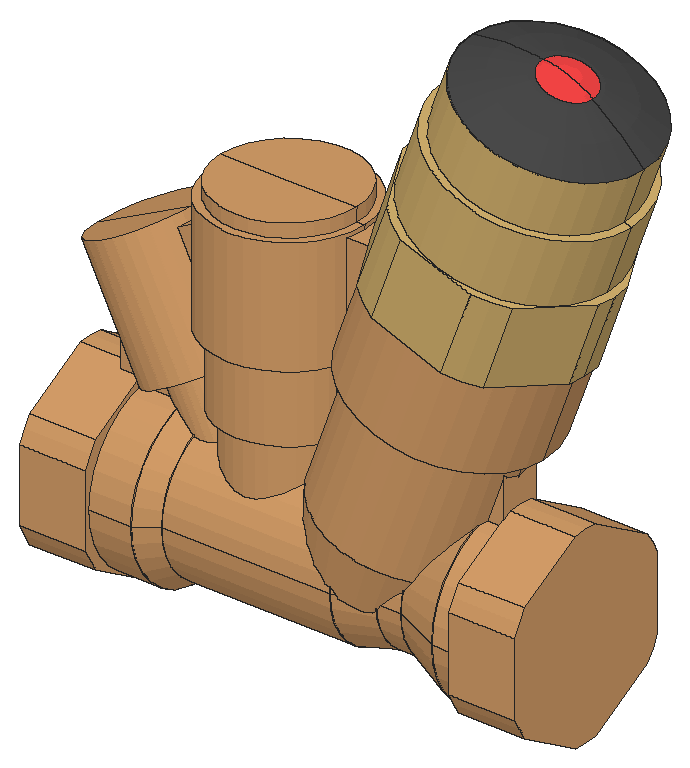
Revit family "MTCV_DN15-20_RFA_1", category Pipe Accessories, Revit 2019
Family settings
  Round Connector Dimension = Use Diameter
  Part Type = Valve - Breaks Into
  OmniClass Number = 23.75.65.14.14.17
  OmniClass Title = Flow Controls
  Work Plane-Based = No
  Always vertical = Yes
  Cut with Voids When Loaded = No
  Shared = No
Parameters (values of type "MTCV A_DN15_003Z4515")
  Weight = 0.56 kg
  Version C [instance] = no
  Version B [instance] = no
  Version A [instance] = not(or(Version B, Version C))  # yes
  Version = "A"
  Valve Body Material = Danfoss Bronze (Rg5)
  URL = "https://store.danfoss.com/en/Climate-Solutions-for-heating/Hydronic-Balancing-and-Control/Hot-water-balancing/Thermal-balancing/c/11746"
  Pressure Drop [instance] = 0.0 Pa
  Nominal Pressure = "PN 10"  # constant formula
  Model Type = "MTCV A_DN15"
  Model = "003Z4515, 003Z0535"
  Min Temperature Setting = "35 °C"  # constant formula
  Max Temperature Setting = "60 °C"  # constant formula
  Max Medium Temperature = "100 °C"  # constant formula
  Manufacturer = "Danfoss"  # constant formula
  LOD 350 = not(LOD 200)  # yes
  LOD 200 = no
  L9 = 10 mm
  L8 = 3 mm
  L7 = 7.5 mm
  L6 = 3.7 mm
  L5 = 3 mm
  L4 = 6.5 mm
  L3 = 10 mm
  L2 = 15 mm
  L10 = 3 mm
  L1 = 30 mm
  L = 75 mm
  Kvs = 1.5 m³/h
  IfcExportType = "MTCV"  # constant formula
  IfcExportAs = "IfcValveType"  # constant formula
  Flow [instance] = 0.0 m³/h
  Electronically controlled disinfection [instance] = if(Version C, 1 = 1, 1 = 0)  # no
  Disinfection function [instance] = if(Version B, 1 = 1, 1 = 0)  # no
  Description = "Thermostatic Balancing Valve"  # constant formula
  D8 = 29 mm
  D7 = 26 mm
  D6 = 19 mm
  D5 = 22 mm
  D4 = 26 mm
  D3 = 26.8 mm
  D = 15 mm
  Connection = "Internal thread"  # constant formula
Types (15, lengths in mm): name | Weight | Version C | Version B | Version A | Version | Valve Body Material | Model Type | Model | L9 | L8 | L4 | L3 | L10 | L1 | L | Kvs | Electronically controlled disinfection | Disinfection function | D8 | D7 | D6 | D5 | D4 | D3 | D
  (no name) | 0.56 kg | no | no | yes | "A" | Danfoss Bronze (Rg5) | "MTCV A_DN15" | "003Z4515, 003Z0535" | 10 | 3 | 6.5 | 10 | 3 | 30 | 75 | 1.5 m³/h | no | no | 29 | 26 | 19 | 22 | 26 | 26.8 | 15
  MTCV 0_DN15_003Z0514 | 0.56 kg | no | no | yes | "0" | Danfoss Bronze (Rg5) | "MTCV 0_DN15" | "003Z0514" | 10 | 3 | 6.5 | 10 | 3 | 30 | 75 | 1.5 m³/h | no | no | 29 | 26 | 19 | 22 | 26 | 26.8 | 15
  MTCV 0_DN20_003Z0553 | 0.62 kg | no | no | yes | "0" | Danfoss Bronze (Rg5) | "MTCV 0_DN20" | "003Z0553" | 14 | 3.5 | 4 | 14 | 5.5 | 33 | 80 | 1.8 m³/h | no | no | 35.5 | 30.2 | 26 | 28 | 30.2 | 31.8 | 20
  MTCV A_DN15_003Z4515 | 0.56 kg | no | no | yes | "A" | Danfoss Bronze (Rg5) | "MTCV A_DN15" | "003Z4515, 003Z0535" | 10 | 3 | 6.5 | 10 | 3 | 30 | 75 | 1.5 m³/h | no | no | 29 | 26 | 19 | 22 | 26 | 26.8 | 15
  MTCV A_DN20_003Z4520 | 0.62 kg | no | no | yes | "A" | Danfoss Bronze (Rg5) | "MTCV A_DN20" | "003Z4520, 003Z0540" | 14 | 3.5 | 4 | 14 | 5.5 | 33 | 80 | 1.8 m³/h | no | no | 35.5 | 30.2 | 26 | 28 | 30.2 | 31.8 | 20
  MTCV B_DN15_003Z1511 | 0.56 kg | no | yes | no | "B" | Danfoss Bronze (Rg5) | "MTCV B_DN15" | "003Z1511" | 10 | 3 | 6.5 | 10 | 3 | 30 | 75 | 1.5 m³/h | no | yes | 29 | 26 | 19 | 22 | 26 | 26.8 | 15
  MTCV B_DN20_003Z1557 | 0.62 kg | no | yes | no | "B" | Danfoss Bronze (Rg5) | "MTCV B_DN20" | "003Z1557" | 14 | 3.5 | 4 | 14 | 5.5 | 33 | 80 | 1.8 m³/h | no | yes | 35.5 | 30.2 | 26 | 28 | 30.2 | 31.8 | 20
  MTCV C_DN15 | 0.56 kg | yes | no | no | "C" | Danfoss Bronze (Rg5) | "MTCV C_DN15" | 0 | 10 | 3 | 6.5 | 10 | 3 | 30 | 75 | 1.5 m³/h | yes | no | 29 | 26 | 19 | 22 | 26 | 26.8 | 15
  MTCV C_DN20 | 0.62 kg | yes | no | no | "C" | Danfoss Bronze (Rg5) | "MTCV C_DN20" | 0 | 14 | 3.5 | 4 | 14 | 5.5 | 33 | 80 | 1.8 m³/h | yes | no | 35.5 | 30.2 | 26 | 28 | 30.2 | 31.8 | 20
  MTCV DVGW_DN15_003Z0510 | 0.56 kg | no | no | yes | "A" | Danfoss Bronze (Rg5) | "MTCV DVGW_DN15" | "003Z0510" | 10 | 3 | 6.5 | 10 | 3 | 30 | 75 | 1.5 m³/h | no | no | 29 | 26 | 19 | 22 | 26 | 26.8 | 15
  MTCV NL_DN20_003Z0551 | 0.62 kg | no | no | yes | "A" | Danfoss Bronze (Rg5) | "MTCV NL_DN20" | "003Z0551" | 14 | 3.5 | 4 | 14 | 5.5 | 33 | 80 | 1.8 m³/h | no | no | 35.5 | 30.2 | 26 | 28 | 30.2 | 31.8 | 20
  MTCV NL_DN15_003Z0516 | 0.56 kg | no | no | yes | "A" | Danfoss Bronze (Rg5) | "MTCV NL_DN15" | "003Z0516" | 10 | 3 | 6.5 | 10 | 3 | 30 | 75 | 1.5 m³/h | no | no | 29 | 26 | 19 | 22 | 26 | 26.8 | 15
  MTCV DVGW_DN20_003Z0558 | 0.62 kg | no | no | yes | "A" | Danfoss Bronze (Rg5) | "MTCV DVGW_DN20" | "003Z0558" | 14 | 3.5 | 4 | 14 | 5.5 | 33 | 80 | 1.8 m³/h | no | no | 35.5 | 30.2 | 26 | 28 | 30.2 | 31.8 | 20
  MTCV A PURE_DN15_003Z6515 | 0.56 kg | no | no | yes | "A" | Danfoss Bronze (Lead Free Rg+) | "MTCV A PURE_DN15" | "003Z6515" | 10 | 3 | 6.5 | 10 | 3 | 30 | 75 | 1.5 m³/h | no | no | 29 | 26 | 19 | 22 | 26 | 26.8 | 15
  MTCV A PURE_DN20_003Z6520 | 0.62 kg | no | no | yes | "A" | Danfoss Bronze (Lead Free Rg+) | "MTCV A PURE_DN20" | "003Z6520" | 14 | 3.5 | 4 | 14 | 5.5 | 33 | 80 | 1.8 m³/h | no | no | 35.5 | 30.2 | 26 | 28 | 30.2 | 31.8 | 20
Reference planes
  plane 1 "Center (Front/Back)": y = 0
  plane 2: z = 0
  plane 3 "Center (Left/Right)": x = 0
  plane 4: x = -15
  plane 5: through (0, -1524, 0) normal (-0.9397, 0, 0.342)
  plane 6: x = -45
  plane 7: x = 30
  plane 8: through (0, -1524, 0) normal (0.342, 0, 0.9397)
  plane 9: x = -25.5
  plane 10: x = -28.5
  plane 11: x = -35
  plane 12: x = 5.8
  plane 13: x = 9.5
  plane 14: x = 17
  plane 15: x = 20
  plane 16: y = 13.4
  plane 17: y = -13.4
  plane 18 "Angle 1": through (14.809, -1524, 40.689) normal (0.342, 0, 0.9397)
  plane 19: through (19.256, -1524, 52.905) normal (0.342, 0, 0.9397)
  plane 20: x = -38
  plane 21: z = 46
  plane 22: through (27.362, -1524, 75.175) normal (0.342, 0, 0.9397)
Forms (mm)
  Extrusion 1, solid, material "Danfoss Bronze (Rg5)" <- "Valve Body Material", visible <- "LOD 350", detail levels fine
    sketch origin (0, 0, 0) x (0, 1, 0) y (0, 0, 1)
      loop
        circle (0, 0) r 13
    from -35 to -28.5
  Extrusion 2, solid, material "Danfoss Bronze (Rg5)" <- "Valve Body Material", visible <- "LOD 350", detail levels fine
    sketch origin (0, 0, 0) x (0, 1, 0) y (0, 0, 1)
      loop
        circle (0, 0) r 11
    from -25.5 to 0
  Blend 3, solid, material "Danfoss Bronze (Rg5)" <- "Valve Body Material", visible <- "LOD 350", detail levels fine
    base sketch origin (0, 0, 0) x (0, 1, 0) y (0, 0, 1)
      loop
        circle (0, 0) r 13
    top sketch origin (0, 0, 0) x (0, 1, 0) y (0, 0, 1)
      loop
        circle (0, 0) r 11
    from -28.5 to -25.5
  Blend 4, solid, material "Danfoss Bronze (Rg5)" <- "Valve Body Material", visible <- "LOD 350", detail levels fine
    base sketch origin (0, 0, 0) x (0, 1, 0) y (0, 0, 1)
      loop
        circle (0, 0) r 11
    top sketch origin (0, 0, 0) x (0, 1, 0) y (0, 0, 1)
      loop
        circle (0, 0) r 9.5
    from 0 to 5.8
  Extrusion 5, solid, material "Danfoss Bronze (Rg5)" <- "Valve Body Material", visible <- "LOD 350", detail levels fine
    sketch origin (0, 0, 0) x (0, 1, 0) y (0, 0, 1)
      loop
        circle (0, 0) r 9.5
    from 5.8 to 9.5
  Blend 6, solid, material "Danfoss Bronze (Rg5)" <- "Valve Body Material", visible <- "LOD 350", detail levels fine
    base sketch origin (0, 0, 0) x (0, 1, 0) y (0, 0, 1)
      loop
        circle (0, 0) r 9.5
    top sketch origin (0, 0, 0) x (0, 1, 0) y (0, 0, 1)
      loop
        circle (0, 0) r 13
    from 9.5 to 17
  Extrusion 7, solid, material "Danfoss Bronze (Rg5)" <- "Valve Body Material", visible <- "LOD 350", detail levels fine
    sketch origin (0, 0, 0) x (0, 1, 0) y (0, 0, 1)
      loop
        circle (0, 0) r 13
    from 17 to 20
  Extrusion 8, solid, material "Danfoss Bronze (Rg5)" <- "Valve Body Material", visible <- "LOD 350", detail levels fine
    sketch origin (0, 0, 0) x (0, 1, 0) y (0, 0, 1)
      loop
        line (13.4, 7.736) -> (0, 15.473) -> (-13.4, 7.736) -> (-13.4, -7.736) -> (0, -15.473) -> (13.4, -7.736) -> (13.4, 7.736)
    from -45 to -35
  Extrusion 9, solid, material "Danfoss Bronze (Rg5)" <- "Valve Body Material", visible <- "LOD 350", detail levels fine
    sketch origin (-30, 0, 0) x (0, 1, 0) y (0, 0, -1)
      loop
        line (13.4, -7.736) -> (13.4, 7.736) -> (0, 15.473) -> (-13.4, 7.736) -> (-13.4, -7.736) -> (0, -15.473) -> (13.4, -7.736)
    from -60 to -50
  Revolve 10, solid, material "Danfoss Bronze (Rg5)" <- "Valve Body Material", visible <- "LOD 350", detail levels fine
    sketch origin (0, 0, 0) x (1, 0, 0) y (0, 0, 1)
      loop
        line (-26.5, 26.5) -> (-25, 26.5) -> (-25, 15.5) -> (-23.5, 15.5) -> (-23.5, 0) -> (-15, 0) -> (-15, 46) -> (-25.3, 46) -> (-25.3, 44) -> (-26.5, 44) -> (-26.5, 26.5)
      axis (-15, 46) -> (-15, 0)
    angle from 0 to 360
  Revolve 11, solid, material "Danfoss Bronze (Rg5)" <- "Valve Body Material", visible <- "LOD 350", detail levels fine
    sketch origin (0, 0, 0) x (1, 0, 0) y (0, 0, 1)
      loop
        line (-19.61, 0.157) -> (-36.782, 33.858) -> (-43.91, 30.226) -> (-35.137, 13.008) -> (-32.464, 14.37) -> (-24.065, -2.113) -> (-19.61, 0.157)
      axis (-19.61, 0.157) -> (-36.782, 33.858)
    angle from 0 to 360
  Revolve 12, solid, material "Danfoss Brass", visible <- "LOD 350", detail levels fine
    sketch origin (0, 0, 0) x (1, 0, 0) y (0, 0, 1)
      loop
        line (19.256, 52.905) -> (25.85, 71.022) -> (12.882, 75.742) -> (9.948, 67.679) -> (8.905, 68.059) -> (5.246, 58.004) -> (19.256, 52.905)
      axis (25.85, 71.022) -> (19.256, 52.905)
    angle from 0 to 360
  Extrusion 13, solid, material "Danfoss Bronze (Rg5)" <- "Valve Body Material", detail levels fine
    sketch origin (0, 0, 0) x (1, 0, 0) y (0, 0, 1)
      loop
        line (-38, 31.5) -> (-38, 0) -> (20, 0) -> (20, 38.799) -> (7.085, 43.5) -> (-15, 43.5) -> (-38, 31.5)
    from -3 to 3
  Extrusion 14, void
    sketch origin (0, 0, 0) x (0, 1, 0) y (0, 0, 1)
      loop
        circle (0, 0) r 14.5
      loop
        circle (0, 0) r 40
    from -45 to 30
  Extrusion 15, solid, material "Danfoss Bronze (Rg5)" <- "Valve Body Material", visible <- "LOD 200", detail levels fine
    sketch origin (0, 0, 0) x (0, 1, 0) y (0, 0, 1)
      loop
        circle (0, 0) r 13
    from -35 to 20
  Extrusion 16, solid, material "Danfoss Bronze (Rg5)" <- "Valve Body Material", visible <- "LOD 200", detail levels fine
    sketch origin (0, 0, 0) x (0, 1, 0) y (0, 0, 1)
      loop
        circle (0, 0) r 14.5
    from -45 to -35
  Extrusion 17, solid, material "Danfoss Bronze (Rg5)" <- "Valve Body Material", visible <- "LOD 200", detail levels fine
    sketch origin (65, 0, 0) x (0, 1, 0) y (0, 0, 1)
      loop
        circle (0, 0) r 14.5
    from -45 to -35
  Revolve 18, solid, material "Danfoss Bronze (Rg5)" <- "Valve Body Material", visible <- "LOD 200", detail levels fine
    sketch origin (0, 0, 0) x (1, 0, 0) y (0, 0, 1)
      loop
        line (-15, 46) -> (-26.5, 46) -> (-26.5, 0) -> (-15, 0) -> (-15, 46)
      axis (-15, 0) -> (-15, 46)
    angle from 0 to 360
  Revolve 19, solid, material "Danfoss Bronze (Rg5)" <- "Valve Body Material", visible <- "LOD 200", detail levels fine
    sketch origin (0, 0, 0) x (1, 0, 0) y (0, 0, 1)
      loop
        line (0, 0) -> (27.362, 75.175) -> (13.266, 80.306) -> (-14.095, 5.13) -> (0, 0)
      axis (0, 0) -> (27.362, 75.175)
    angle from 0 to 360
  Revolve 20, solid, material "Danfoss Bronze (Rg5)" <- "Valve Body Material", visible <- "LOD 200", detail levels fine
    sketch origin (0, 0, 0) x (1, 0, 0) y (0, 0, 1)
      loop
        line (-19.531, 0) -> (-36.782, 33.858) -> (-43.91, 30.226) -> (-26.659, -3.632) -> (-19.531, 0)
      axis (-19.531, 0) -> (-36.782, 33.858)
    angle from 0 to 360
  Revolve 21, solid, material "Danfoss Bronze (Rg5)" <- "Valve Body Material", visible <- "LOD 350", detail levels fine
    sketch origin (0, 0, 0) x (1, 0, 0) y (0, 0, 1)
      loop
        line (0, 0) -> (14.809, 40.689) -> (0.902, 45.751) -> (-4.16, 31.843) -> (-1.999, 31.056) -> (-9.01, 11.793) -> (-10.148, 3.694) -> (0, 0)
      axis (14.809, 40.689) -> (0, 0)
    angle from 0 to 360
  Revolve 22, solid, material "Danfoss Plastic Black", visible <- "LOD 350", detail levels fine
    sketch origin (0, 0, 0) x (1, 0, 0) y (0, 0, 1)
      loop
        line (12.882, 75.742) -> (25.85, 71.022) -> (27.362, 75.175)
        arc (27.362, 75.175) -> (20.155, 76.316) -> (12.882, 75.742) r 31.017
      axis (25.85, 71.022) -> (27.362, 75.175)
    angle from 0 to 360
  Revolve 23, solid, material "Danfoss Plastic Red", visible <- "LOD 350", detail levels fine
    sketch origin (0, 0, 0) x (1, 0, 0) y (0, 0, 1)
      loop
        line (27.02, 74.236) -> (31.718, 72.526)
        arc (31.718, 72.526) -> (29.715, 74.138) -> (27.362, 75.175) r 9.836
        line (27.362, 75.175) -> (27.02, 74.236)
      axis (27.362, 75.175) -> (27.02, 74.236)
    angle from 0 to 360
Cuts and joins
  Extrusion 14 cuts Extrusion 9
  Extrusion 14 cuts Extrusion 8
Lines and regions (mm)
  reference lines
    curve 1: line (-10.469, 0, -17.783) -> (-44.5, 0, 49.005)
    curve 2: line (-19.531, 0, 0) -> (-55.171, 0, -18.16)
    curve 3: line (-72.422, 0, 15.699) -> (-36.782, 0, 33.858)
Dimensions and locks
  "L2": plane 3 "Center (Left/Right)" to plane 4
  locked: plane 4 to curve 1 at 29.5
  "L": plane 7 to plane 6
  "L1": plane 7 to plane 3 "Center (Left/Right)"
  "L3": plane 11 to plane 6
  "L9": plane 7 to plane 15
  "L4": plane 10 to plane 11
  "L8": plane 15 to plane 14
  "L7": plane 14 to plane 13
  "L5": plane 9 to plane 10
  "L6": plane 13 to plane 12
  equal spacing: plane 17, plane 1 "Center (Front/Back)", plane 16
  "D3": plane 17 to plane 16
  equal spacing: Extrusion 8 sketch curve, plane 1 "Center (Front/Back)", Extrusion 8 sketch curve  (x2)
  "D3": Extrusion 8 sketch curve to Extrusion 8 sketch curve  (x2)
  "D3": Extrusion 9 sketch curve to Extrusion 9 sketch curve  (x2)
  locked: Revolve 10 sketch curve to Revolve 10 sketch curve at 11.5
  Revolve 10 sketch curve to Revolve 10 sketch curve = 10 mm
  Revolve 10 sketch curve to Revolve 10 sketch curve = 8.5 mm
  locked: plane 4 to Revolve 10 sketch curve at 10.3
  locked: Revolve 10 sketch curve to level at 15.5
  locked: Revolve 10 sketch curve to Revolve 10 sketch curve at 11
  locked: Revolve 10 sketch curve to Revolve 10 sketch curve at 2
  locked: Revolve 11 sketch curve to Revolve 11 sketch curve at 18.5
  locked: curve 1 to Revolve 11 sketch curve at 8
  locked: Revolve 11 sketch curve to Revolve 11 sketch curve at 5
  locked: Revolve 12 sketch curve to Revolve 12 sketch curve at 13.8
  locked: plane 19 to plane 18 "Angle 1" at 13
  locked: plane 18 "Angle 1" to plane 8 at 43.3
  "L10": plane 11 to plane 20
  locked: Extrusion 13 sketch curve to level at 43.5
  level to Extrusion 13 = 43.5 mm
  equal spacing: Extrusion 9 sketch curve, curve 2, Extrusion 9 sketch curve  (x2)
  locked: plane 4 to Revolve 18 sketch curve at 11.5
  locked: plane 21 to level at 46
  locked: plane 22 to plane 8 at 80
  locked: plane 5 to Revolve 19 sketch curve at 15
  locked: curve 1 to Revolve 20 sketch curve at 8
  locked: curve 2 to curve 3 at 38
  locked: Revolve 21 sketch curve to Revolve 21 sketch curve at 12.5
  locked: Revolve 21 sketch curve to Revolve 21 sketch curve at 14.8
  locked: Revolve 21 sketch curve to plane 8 at 28.5
  plane 19 to Revolve 12 sketch curve = 10.7 mm
  locked: Revolve 12 sketch curve to plane 19 at 19.28
  plane 5 to Revolve 12 sketch curve = 14.909 mm
  plane 22 to Revolve 23 sketch curve = 1 mm
  Revolve 23 sketch curve to Revolve 23 sketch curve = 5 mm
  "D4": diameter of Extrusion 1 sketch curve
  "D5": diameter of Extrusion 2 sketch curve
  "D4": diameter of Blend 3 sketch curve
  "D5": diameter of Blend 3 sketch curve
  "D5": diameter of Blend 4 sketch curve
  "D6": diameter of Blend 4 sketch curve
  "D6": diameter of Extrusion 5 sketch curve
  "D6": diameter of Blend 6 sketch curve
  "D7": diameter of Blend 6 sketch curve
  "D7": diameter of Extrusion 7 sketch curve
  "D8": diameter of Extrusion 14 sketch curve
  diameter of Extrusion 14 sketch curve = 80 mm
  "D4": diameter of Extrusion 15 sketch curve
  "D8": diameter of Extrusion 16 sketch curve
  "D8": diameter of Extrusion 17 sketch curve
  radius of Revolve 22 sketch curve = 31.017 mm
  locked: level to plane 5 (angle 70.00°)
  locked: plane 4 to curve 1 (angle 27.00°)
  angle plane 8 to plane 5 = 90.00°
  angle Extrusion 8 sketch curve to Extrusion 8 sketch curve = 120.00°  (x3)
  angle Extrusion 9 sketch curve to Extrusion 9 sketch curve = 120.00°  (x3)
  locked: curve 1 to curve 2 (angle 90.00°)
  angle Extrusion 13 sketch curve to Extrusion 13 sketch curve = 152.448°
  angle Revolve 21 sketch curve to Revolve 21 sketch curve = 168.00°
  aligned and locked: level to plane 2
  aligned and locked: plane 10 to Extrusion 1
  aligned and locked: Extrusion 1 to plane 11
  aligned and locked: Extrusion 2 to plane 9
  aligned and locked: plane 3 "Center (Left/Right)" to Extrusion 2
  aligned and locked: Blend 3 to plane 10
  aligned and locked: plane 9 to Blend 3
  aligned and locked: Blend 4 to plane 3 "Center (Left/Right)"
  aligned and locked: plane 12 to Blend 4
  aligned and locked: Extrusion 5 to plane 12
  aligned and locked: plane 13 to Extrusion 5
  aligned and locked: Blend 6 to plane 13
  aligned and locked: plane 14 to Blend 6
  aligned and locked: Extrusion 7 to plane 14
  aligned and locked: plane 15 to Extrusion 7
  aligned and locked: plane 17 to Extrusion 8 sketch curve
  aligned and locked: Extrusion 8 sketch curve to plane 16
  aligned and locked: plane 11 to Extrusion 8
  aligned and locked: Revolve 10 sketch curve to plane 4
  aligned and locked: Revolve 10 sketch curve to level
  aligned and locked: Revolve 10 sketch curve to Revolve 10 sketch curve  (x2)
  aligned and locked: curve 1 to Revolve 11 sketch curve
  aligned and locked: Revolve 11 sketch curve to Revolve 11 sketch curve  (x2)
  aligned and locked: Revolve 12 sketch curve to plane 5
  aligned and locked: Revolve 12 sketch curve to Revolve 12 sketch curve
  aligned and locked: nested 1 to plane 18 "Angle 1"
  aligned and locked: Extrusion 13 sketch curve to plane 20
  aligned and locked: Extrusion 13 sketch curve to level
  aligned and locked: Extrusion 13 sketch curve to plane 15
  aligned and locked: Extrusion 13 sketch curve to plane 18 "Angle 1"
  aligned and locked: Extrusion 8 to plane 6
  aligned and locked: Extrusion 9 to plane 15
  aligned and locked: plane 7 to Extrusion 9
  aligned and locked: Extrusion 14 to plane 6
  aligned and locked: plane 7 to Extrusion 14
  aligned and locked: nested 1 to plane 5
  aligned and locked: Revolve 12 sketch curve to plane 19
  aligned and locked: Revolve 10 to nested 2
  aligned and locked: Extrusion 15 to plane 11
  aligned and locked: plane 15 to Extrusion 15
  aligned and locked: Extrusion 16 to plane 6
  aligned and locked: plane 11 to Extrusion 16
  aligned and locked: plane 7 to Extrusion 17
  aligned and locked: Extrusion 17 to plane 15
  aligned and locked: Revolve 18 sketch curve to plane 4
  aligned and locked: Revolve 18 sketch curve to level
  aligned and locked: Revolve 18 sketch curve to Revolve 18 sketch curve  (x2)
  aligned and locked: Revolve 10 sketch curve to plane 21
  aligned and locked: Revolve 18 sketch curve to plane 21
  aligned and locked: Revolve 19 sketch curve to plane 5
  aligned and locked: Revolve 19 sketch curve to plane 8
  aligned and locked: Revolve 19 sketch curve to plane 22
  aligned and locked: Revolve 19 sketch curve to Revolve 19 sketch curve  (x2)
  aligned and locked: curve 1 to Revolve 20 sketch curve
  aligned and locked: Revolve 20 sketch curve to curve 2
  aligned and locked: Revolve 20 sketch curve to Revolve 20 sketch curve  (x2)
  aligned and locked: curve 3 to Revolve 20 sketch curve
  aligned and locked: Revolve 21 sketch curve to Revolve 21 sketch curve
  aligned and locked: Revolve 22 sketch curve to Revolve 12
  aligned and locked: plane 22 to Revolve 22 sketch curve
  aligned and locked: Revolve 22 sketch curve to plane 5
  aligned and locked: Revolve 22 sketch curve to Revolve 22 sketch curve  (x2)
  aligned and locked: Revolve 23 sketch curve to plane 5
  aligned and locked: Revolve 23 sketch curve to Revolve 23 sketch curve  (x2)
  aligned and locked: plane 1 "Center (Front/Back)" to nested 1
  aligned and locked: plane 4 to nested 3
  aligned and locked: plane 1 "Center (Front/Back)" to nested 3
  aligned and locked: Revolve 10 to nested 4
  aligned and locked: nested 3 to nested 4
  aligned and locked: plane 4 to nested 4
  aligned and locked: plane 1 "Center (Front/Back)" to nested 4
  aligned and locked: curve 3 to Revolve 11 sketch curve
  aligned and locked: Revolve 11 to nested 5
  aligned and locked: curve 1 to nested 5
  aligned and locked: nested 5 to plane 1 "Center (Front/Back)"
  aligned and locked: nested 6 to plane 6
  aligned and locked: plane 1 "Center (Front/Back)" to nested 6
  aligned and locked: plane 2 to nested 6
  aligned and locked: nested 7 to plane 6
  aligned and locked: plane 2 to nested 7
  aligned and locked: plane 1 "Center (Front/Back)" to nested 7
  aligned and locked: nested 8 to plane 6
  aligned and locked: plane 1 "Center (Front/Back)" to nested 8
  aligned and locked: plane 2 to nested 8
Automatic sketch dimensions
  curve 2 to level = 0 mm
  curve 2 to plane 6 = 10.171 mm
  level to curve 3 = 15.699 mm
  Revolve 10 sketch curve to level = 0 mm
  Revolve 11 sketch curve to Revolve 11 sketch curve = 0 mm
  Extrusion 13 sketch curve to plane 4 = 0 mm
  Revolve 18 sketch curve to plane 21 = 0 mm
  Revolve 19 sketch curve to plane 22 = 0 mm
  Revolve 20 sketch curve to Revolve 20 sketch curve = 0 mm
  Revolve 21 sketch curve to level = 0 mm  (x2)
  Revolve 21 sketch curve to plane 3 "Center (Left/Right)" = 0 mm
  Revolve 21 sketch curve to plane 18 "Angle 1" = 0 mm
  plane 4 to Revolve 21 sketch curve = 5.99 mm
  Revolve 21 sketch curve to Revolve 21 sketch curve = 0 mm
  Revolve 12 sketch curve to plane 19 = 0 mm
  Revolve 12 sketch curve to Revolve 12 sketch curve = 0 mm
  Revolve 22 sketch curve to plane 22 = 0 mm
  Revolve 22 sketch curve to plane 21 = 0.677 mm
  Revolve 23 sketch curve to plane 22 = 0 mm  (x2)
  plane 15 to Revolve 23 sketch curve = 4.603 mm
  Revolve 11 sketch curve to plane 11 = 0.137 mm
  Extrusion 1 sketch curve to level = 0 mm
  Extrusion 1 sketch curve to plane 1 "Center (Front/Back)" = 0 mm
  Extrusion 2 sketch curve to level = 0 mm
  Extrusion 2 sketch curve to plane 1 "Center (Front/Back)" = 0 mm
  Blend 3 sketch curve to level = 0 mm  (x2)
  Blend 3 sketch curve to plane 1 "Center (Front/Back)" = 0 mm  (x2)
  Blend 4 sketch curve to level = 0 mm  (x2)
  Blend 4 sketch curve to plane 1 "Center (Front/Back)" = 0 mm  (x2)
  Extrusion 5 sketch curve to level = 0 mm
  Extrusion 5 sketch curve to plane 1 "Center (Front/Back)" = 0 mm
  Blend 6 sketch curve to level = 0 mm  (x2)
  Blend 6 sketch curve to plane 1 "Center (Front/Back)" = 0 mm  (x2)
  Extrusion 7 sketch curve to level = 0 mm
  Extrusion 7 sketch curve to plane 1 "Center (Front/Back)" = 0 mm
  Extrusion 9 sketch curve to plane 17 = 0 mm
  Extrusion 9 sketch curve to plane 16 = 0 mm
  Extrusion 14 sketch curve to Extrusion 14 sketch curve = 0 mm  (x2)
  Extrusion 14 sketch curve to level = 0 mm
  Extrusion 14 sketch curve to plane 1 "Center (Front/Back)" = 0 mm
  Extrusion 15 sketch curve to level = 0 mm
  Extrusion 15 sketch curve to plane 1 "Center (Front/Back)" = 0 mm
  Extrusion 16 sketch curve to level = 0 mm
  Extrusion 16 sketch curve to plane 1 "Center (Front/Back)" = 0 mm
  Extrusion 17 sketch curve to level = 0 mm
  Extrusion 17 sketch curve to plane 1 "Center (Front/Back)" = 0 mm
Nested families
  nested 1: "Nut" at (14.809, 0, 40.689) x (0.9397, 0, -0.342) z (0.342, 0, 0.9397), visible <- "LOD 350", type "Nut", detail levels fine
  nested 2: "Disinfection module_RFA" at (-15, 0, 44), visible <- "Disinfection function", type "MTCV B_Disinfecting module", detail levels fine
  nested 3: "TWA-A_24V_NC_RFA" at (-15, 0, 52.6), visible <- "Electronically controlled disinfection", LOD 200 <- "LOD 200", type "TWA-A_24V_NC_088H3110", detail levels fine
    with LOD 350 yes, LOD 200 no
  nested 4: "Adapter_TWA_RFA" at (-15, 0, 44), visible <- "Electronically controlled disinfection", type "Adapter_TWA_003Z1022", detail levels fine
  nested 5: "Adapter_ESMB PT1000_RFA" at (-36.782, 0, 33.858) x (0, 1, 0) z (-0.454, 0, 0.891), visible <- "Electronically controlled disinfection", type "Adapter_ESMB PT1000_003Z1024", detail levels fine
  nested 6: "Schematic_Thermal balancing valve" at (-7.5, 0, 0), visible <- "Version A", type "Schematic_Thermal balancing valve", detail levels coarse+medium
  nested 7: "Schematic_Thermal balancing valve" at (-7.5, 0, 0), visible <- "Version B", type "Schematic_Thermal balancing valve"
  nested 8: "Schematic_Thermal balancing valve_Actuator" at (-7.5, 0, 0), visible <- "Version C", type "Schematic_Thermal balancing valve_Actuator"
Connectors
  piping at (30, 0, 0), diameter 15, driven by "D"
    settings: on Extrusion 17, index 1, connector inside diameter 609.6 mm, connector length 0 mm, flow factor 0, pipe flow 0.0 m³/h, pressure drop 0.0 Pa, fitting loss kfactor 0, connector angle 0.00°, fixture units 0, engagement length 0 mm, angle of deflection 0.00°, flow configuration 0, flow direction 2, fitting loss method 0, system type 29, joint type 0, gender type 0, connector reference index 2, connector utility 0, adjustable connector no, is connector primary no, connector description ""
  piping at (-45, 0, 0), diameter 15, driven by "D"
    settings: on Extrusion 16, index 2, connector inside diameter 609.6 mm, connector length 0 mm, flow factor 0, pipe flow 0.0 m³/h, pressure drop 0.0 Pa, fitting loss kfactor 0, connector angle 0.00°, fixture units 0, engagement length 0 mm, angle of deflection 0.00°, flow configuration 0, flow direction 1, fitting loss method 0, system type 29, joint type 0, gender type 0, connector reference index 1, connector utility 0, adjustable connector no, is connector primary yes, connector description ""
Definition of nested family "Nut"
  Parameters (values of type "Nut")
    H = 13 mm
    Default Elevation = 1219.2 mm
    D1 = 30 mm
    D2 = 32 mm
    Body Material = none
  Reference planes
    plane 1 "Center (Front/Back)": y = 0
    plane 2: z = 0
    plane 3 "Center (Left/Right)": x = 0
    plane 4: y = 15
    plane 5: y = -15
    plane 6: z = 13
  Forms (mm)
    Extrusion 1, solid, material <- "Body Material"
      sketch origin (0, 0, 0) x (1, 0, 0) y (0, 1, 0)
        loop
          line (-8.66, 15) -> (-17.321, 0) -> (-8.66, -15) -> (8.66, -15) -> (17.321, 0) -> (8.66, 15) -> (-8.66, 15)
      from 0 to 13
    Extrusion 2, void
      sketch origin (0, 0, 0) x (1, 0, 0) y (0, 1, 0)
        loop
          circle (0, 0) r 16
        loop
          circle (0, 0) r 40
      from 0 to 13
  Cuts and joins
    Extrusion 2 cuts Extrusion 1
  Dimensions and locks
    equal spacing: plane 5, plane 1 "Center (Front/Back)", plane 4
    "D1": plane 5 to plane 4
    equal spacing: Extrusion 1 sketch curve, plane 3 "Center (Left/Right)", Extrusion 1 sketch curve  (x2)
    "D1": Extrusion 1 sketch curve to Extrusion 1 sketch curve  (x2)
    "H": plane 6 to level
    "D2": diameter of Extrusion 2 sketch curve
    diameter of Extrusion 2 sketch curve = 80 mm
    aligned and locked: level to plane 2
    aligned and locked: Extrusion 1 sketch curve to plane 4
    aligned and locked: plane 5 to Extrusion 1 sketch curve
    aligned and locked: plane 6 to Extrusion 1
    aligned and locked: Extrusion 2 to Extrusion 1
  Automatic sketch dimensions
    plane 1 "Center (Front/Back)" to Extrusion 1 sketch curve = 0 mm
    Extrusion 1 sketch curve to plane 3 "Center (Left/Right)" = 17.321 mm
    Extrusion 2 sketch curve to Extrusion 2 sketch curve = 0 mm  (x2)
    plane 1 "Center (Front/Back)" to Extrusion 2 sketch curve = 0 mm
    Extrusion 2 sketch curve to plane 3 "Center (Left/Right)" = 0 mm
Definition of nested family "Disinfection module_RFA"
  Parameters (values of type "Disinfecting module_MTCV B_003Z2021")
    Valve Body Material = none
    URL = "https://store.danfoss.com/en/Climate-Solutions-for-heating/Hydronic-Balancing-and-Control/Hot-water-balancing/Hot-water-balancing-accessories/Thermostatic-disinfection-module-for-MTCV-version-B/p/003Z2021"
    Model Type = "Disinfecting module"
    Model = "003Z2021"
    Manufacturer = "Danfoss"  # constant formula
    LOD 350 = not(LOD 200)  # yes
    LOD 200 = no
    D1 = 20 mm
  Reference planes
    plane 1 "Center (Front/Back)": y = 0
    plane 2: z = 0
    plane 3 "Center (Left/Right)": x = 0
    plane 4: z = 8.2
  Forms (mm)
    Revolve 1, solid, material <- "Valve Body Material", visible <- "LOD 350"
      sketch origin (0, 0, 0) x (1, 0, 0) y (0, 0, 1)
        loop
          line (0, 25.7) -> (-7.982, 25.7) -> (-9.5, 24.182) -> (-9.5, 3.2) -> (-11, 3.2) -> (-11, 0) -> (-9, 0) -> (-9, -5) -> (-6, -5) -> (-6, -20) -> (0, -20) -> (0, 25.7)
        axis (0, 25.7) -> (0, -20)
      angle from 0 to 360
    Extrusion 2, solid, material <- "Valve Body Material", visible <- "LOD 350"
      sketch origin (0, 0, 0) x (1, 0, 0) y (0, 1, 0)
        loop
          line (-10, 5.774) -> (-10, -5.774) -> (0, -11.547) -> (10, -5.774) -> (10, 5.774) -> (0, 11.547) -> (-10, 5.774)
      from 3.2 to 8.2
    Extrusion 3, void
      sketch origin (0, 0, 0) x (1, 0, 0) y (0, 1, 0)
        loop
          circle (0, 0) r 11
        loop
          circle (0, 0) r 25
      from 3.2 to 8.2
    Extrusion 4, solid, material <- "Valve Body Material", visible <- "LOD 200"
      sketch origin (0, 0, 0) x (1, 0, 0) y (0, 1, 0)
        loop
          circle (0, 0) r 11
      from 0 to 25.7
  Cuts and joins
    Extrusion 3 cuts Revolve 1
    Extrusion 3 cuts Extrusion 2
  Dimensions and locks
    locked: Revolve 1 sketch curve to Revolve 1 sketch curve at 9.5
    locked: Revolve 1 sketch curve to Revolve 1 sketch curve at 1.518
    locked: Revolve 1 sketch curve to Revolve 1 sketch curve at 11
    locked: Revolve 1 sketch curve to level at 25.7
    equal spacing: Extrusion 2 sketch curve, plane 3 "Center (Left/Right)", Extrusion 2 sketch curve  (x3)
    "D1": Extrusion 2 sketch curve to Extrusion 2 sketch curve  (x3)
    locked: plane 4 to plane 2 at 8.2
    locked: plane 3 "Center (Left/Right)" to Revolve 1 sketch curve at 9
    locked: plane 3 "Center (Left/Right)" to Revolve 1 sketch curve at 6
    locked: plane 2 to Revolve 1 sketch curve at 5
    locked: Revolve 1 sketch curve to Revolve 1 sketch curve at 15
    diameter of Extrusion 3 sketch curve = 22 mm
    diameter of Extrusion 3 sketch curve = 50 mm
    diameter of Extrusion 4 sketch curve = 22 mm
    angle Revolve 1 sketch curve to Revolve 1 sketch curve = 135.00°
    angle Extrusion 2 sketch curve to Extrusion 2 sketch curve = 120.00°  (x3)
    aligned and locked: level to plane 2
    aligned and locked: Revolve 1 sketch curve to plane 3 "Center (Left/Right)"
    aligned and locked: Revolve 1 sketch curve to level
    aligned and locked: Revolve 1 sketch curve to Revolve 1 sketch curve  (x2)
    aligned and locked: plane 4 to Extrusion 2
    aligned and locked: Revolve 1 to Extrusion 2
    aligned and locked: Extrusion 3 to Revolve 1
    aligned and locked: plane 4 to Extrusion 3
    aligned and locked: Extrusion 4 to cut or joined group of Revolve 1, Extrusion 3
  Automatic sketch dimensions
    Revolve 1 sketch curve to level = 17 mm
    level to Revolve 1 sketch curve = 3.2 mm
    Extrusion 3 sketch curve to Extrusion 3 sketch curve = 0 mm  (x2)
    plane 1 "Center (Front/Back)" to Extrusion 3 sketch curve = 0 mm
    Extrusion 3 sketch curve to plane 3 "Center (Left/Right)" = 0 mm
    plane 1 "Center (Front/Back)" to Extrusion 4 sketch curve = 0 mm
    Extrusion 4 sketch curve to plane 3 "Center (Left/Right)" = 0 mm
Definition of nested family "TWA-A_24V_NC_RFA"
  Parameters (values of type "TWA-A_24V_NC_088H3110")
    Weight = 0.12 kg
    Voltage = 24 V
    URL = "https://store.danfoss.com/en/Climate-Solutions-for-heating/Hydronic-floor-heating/Thermal-Actuators/Thermal-actuators%2C-TWA-A%2C-RA%2C-24-V%2C-NC%2C-0-95-m/p/088H3110"
    Safety Function = "NC"
    Power Supply = "24 V"
    Power Consumption = "2 VA"
    Power = 2 VA
    Model Type = "TWA-A_24V_NC"
    Model = "088H3110"
    Min Ambient Temperature = "0 °C"
    Max Ambient Temperature = "60 °C"
    Manufacturer = "Danfoss"  # constant formula
    LOD 350 [instance] = not(LOD 200)  # yes
    LOD 200 [instance] = no
    IfcExportType = "TWA-A"  # constant formula
    IfcExportAs = "IfcActuatorType"  # constant formula
    H = 76.6 mm
    Description = "Thermal Actuator"
    Cable Length = "950 mm"
    Body Material = none
  Reference planes
    plane 1 "Center (Front/Back)": y = 0
    plane 2: z = 0
    plane 3 "Center (Left/Right)": x = 0
    plane 4: z = 31.2
    plane 5: z = 17.4
    plane 6: z = 76.6
    plane 7: z = 10.2
  Forms (mm)
    Revolve 1, solid, visible <- "LOD 350"
      sketch origin (0, 0, 0) x (1, 0, 0) y (0, 0, 1)
        loop
          line (0, 76.6) -> (0, 0) -> (15.5, 0) -> (15.5, 16.18) -> (13.831, 17.348) -> (10.8, 46.184) -> (10.8, 75.866)
          arc (10.8, 75.866) -> (5.413, 76.43) -> (0, 76.6) r 74.529
        axis (0, 76.6) -> (0, 0)
      angle from 0 to 360
    Extrusion 2, solid, visible <- "LOD 350"
      sketch origin (0, 0, 0) x (1, 0, 0) y (0, 0, 1)
        loop
          line (-21, 0) -> (0, 0) -> (0, 17.4) -> (-13.825, 17.4) -> (-20.235, 15.683)
          arc (-20.235, 15.683) -> (-20.787, 15.314) -> (-21, 14.686) r 1.032
          line (-21, 14.686) -> (-21, 0)
      from -5.6 to 5.6
    Extrusion 3, solid, visible <- "LOD 350"
      sketch origin (0, 0, 0) x (0, 1, 0) y (0, 0, 1)
        loop
          circle (0, 10.2) r 2.232
      from -23.2 to 0
    Revolve 4, solid, material <- "Body Material", visible <- "LOD 350"
      sketch origin (0, 0, 0) x (1, 0, 0) y (0, 0, 1)
        loop
          line (0, 73.091) -> (-11.366, 73.091) -> (-18.836, 71.693) -> (-20.25, 31.2) -> (0, 31.2) -> (0, 73.091)
        axis (0, 31.2) -> (0, 73.091)
      angle from 0 to 360
    Revolve 5, solid, visible <- "LOD 200"
      sketch origin (0, 0, 0) x (1, 0, 0) y (0, 0, 1)
        loop
          line (0, 76.6) -> (0, 0) -> (15.5, 0) -> (15.5, 17.4) -> (11, 17.4) -> (11, 76.6) -> (0, 76.6)
        axis (0, 0) -> (0, 76.6)
      angle from 0 to 360
    Revolve 6, solid, material <- "Body Material", visible <- "LOD 200"
      sketch origin (0, 0, 0) x (1, 0, 0) y (0, 0, 1)
        loop
          line (0, 73.091) -> (-20.3, 73.091) -> (-20.3, 31.2) -> (0, 31.2) -> (0, 73.091)
        axis (0, 31.2) -> (0, 73.091)
      angle from 0 to 360
    Extrusion 7, solid, visible <- "LOD 200"
      sketch origin (0, 0, 0) x (1, 0, 0) y (0, 0, 1)
        loop
          line (0, 17.4) -> (-21, 17.4) -> (-21, 0) -> (0, 0) -> (0, 17.4)
      from -5.6 to 5.6
  Dimensions and locks
    "H": plane 6 to level
    locked: plane 4 to plane 2 at 31.2
    locked: plane 5 to plane 2 at 17.4
    locked: plane 3 "Center (Left/Right)" to Extrusion 2 sketch curve at 21
    locked: plane 7 to plane 2 at 10.2
    Revolve 1 sketch curve to plane 3 "Center (Left/Right)" = 10.8 mm
    plane 3 "Center (Left/Right)" to Revolve 1 sketch curve = 15.5 mm
    locked: plane 3 "Center (Left/Right)" to Revolve 4 sketch curve at 18.836
    locked: plane 3 "Center (Left/Right)" to Revolve 4 sketch curve at 11.366
    locked: Revolve 5 sketch curve to plane 3 "Center (Left/Right)" at 11
    locked: Revolve 5 sketch curve to plane 3 "Center (Left/Right)" at 15.5
    locked: plane 3 "Center (Left/Right)" to Revolve 6 sketch curve at 20.3
    locked: plane 3 "Center (Left/Right)" to Extrusion 7 sketch curve at 21
    radius of Extrusion 2 sketch curve = 1.032 mm
    diameter of Extrusion 3 sketch curve = 4.464 mm
    angle plane 5 to Revolve 1 sketch curve = 96.00°
    angle Revolve 1 sketch curve to Revolve 1 sketch curve = 125.00°
    angle Revolve 4 sketch curve to Revolve 4 sketch curve = 102.598°
    angle Revolve 4 sketch curve to Revolve 4 sketch curve = 169.401°
    aligned and locked: level to plane 2
    aligned and locked: Revolve 1 sketch curve to plane 3 "Center (Left/Right)"
    aligned and locked: Revolve 1 sketch curve to plane 2
    aligned and locked: plane 6 to Revolve 1 sketch curve
    aligned and locked: Revolve 1 sketch curve to Revolve 1 sketch curve
    aligned and locked: Extrusion 2 sketch curve to plane 5
    aligned and locked: Extrusion 2 sketch curve to level
    aligned and locked: Extrusion 2 sketch curve to plane 3 "Center (Left/Right)"
    aligned and locked: plane 3 "Center (Left/Right)" to Extrusion 3
    aligned and locked: Revolve 4 sketch curve to plane 3 "Center (Left/Right)"
    aligned and locked: Revolve 4 sketch curve to plane 4
    aligned and locked: Revolve 4 sketch curve to Revolve 4 sketch curve  (x2)
    aligned and locked: Revolve 5 sketch curve to plane 3 "Center (Left/Right)"
    aligned and locked: Revolve 5 sketch curve to plane 2
    aligned and locked: Revolve 5 sketch curve to plane 5
    aligned and locked: Revolve 5 sketch curve to plane 6
    aligned and locked: Revolve 5 sketch curve to Revolve 5 sketch curve  (x2)
    aligned and locked: Revolve 6 sketch curve to plane 3 "Center (Left/Right)"
    aligned and locked: Revolve 6 sketch curve to Revolve 4
    aligned and locked: Revolve 6 sketch curve to plane 4
    aligned and locked: Revolve 6 sketch curve to Revolve 6 sketch curve
    aligned and locked: Extrusion 7 sketch curve to plane 3 "Center (Left/Right)"
    aligned and locked: Extrusion 7 sketch curve to plane 5
    aligned and locked: Extrusion 7 sketch curve to level
  Automatic sketch dimensions
    Revolve 1 sketch curve to plane 5 = 0.052 mm
    Revolve 1 sketch curve to level = 0 mm
    Revolve 1 sketch curve to plane 6 = 0 mm
    plane 3 "Center (Left/Right)" to Revolve 1 sketch curve = 0.362 mm
    level to Revolve 1 sketch curve = 2.072 mm
    Revolve 1 sketch curve to plane 5 = 1.22 mm
    Extrusion 2 sketch curve to plane 5 = 1.717 mm
    Extrusion 2 sketch curve to Extrusion 2 sketch curve = 0.267 mm
    Extrusion 2 sketch curve to Extrusion 2 sketch curve = 6.41 mm
    Extrusion 3 sketch curve to plane 1 "Center (Front/Back)" = 0 mm
    Extrusion 3 sketch curve to plane 7 = 0 mm
    Revolve 4 sketch curve to Revolve 4 sketch curve = 0 mm
    Revolve 5 sketch curve to plane 6 = 0 mm
    Revolve 6 sketch curve to plane 4 = 0 mm
    Revolve 6 sketch curve to Revolve 6 sketch curve = 0 mm
    Revolve 4 sketch curve to Revolve 4 sketch curve = 20.25 mm
    Revolve 4 sketch curve to plane 6 = 4.907 mm
Definition of nested family "Adapter_TWA_RFA"
  Parameters (values of type "Adapter_TWA_003Z1022")
    Valve Body Material = none
    URL = "https://store.danfoss.com/en/Climate-Solutions-for-heating/Hydronic-Balancing-and-Control/Hot-water-balancing/Hot-water-balancing-accessories/Adapter-for-thermo-actuator-%28module-C%29/p/003Z1022"
    Model Type = "Adapter_TWA"
    Model = "003Z1022"
    Manufacturer = "Danfoss"  # constant formula
    LOD 350 = not(LOD 200)  # yes
    LOD 200 = no
    D1 = 27 mm
  Reference planes
    plane 1 "Center (Front/Back)": y = 0
    plane 2: z = 0
    plane 3 "Center (Left/Right)": x = 0
    plane 4: z = 8.6
    plane 5: z = 31.65
    plane 6: z = 35.5
    plane 7: z = 41.6
  Forms (mm)
    Revolve 1, solid, material <- "Valve Body Material"
      sketch origin (0, 0, 0) x (1, 0, 0) y (0, 0, 1)
        loop
          line (0, 0) -> (-9, 0) -> (-9, -7) -> (-6, -7) -> (-6, -22) -> (0, -22) -> (0, 0)
        axis (0, 0) -> (0, -22)
      angle from 0 to 360
    Extrusion 2, solid, material <- "Valve Body Material", visible <- "LOD 350"
      sketch origin (0, 0, 0) x (1, 0, 0) y (0, 1, 0)
        loop
          line (-13.5, 7.794) -> (-13.5, -7.794) -> (0, -15.588) -> (13.5, -7.794) -> (13.5, 7.794) -> (0, 15.588) -> (-13.5, 7.794)
      from 1.5 to 8.6
    Extrusion 3, void
      sketch origin (0, 0, 0) x (1, 0, 0) y (0, 1, 0)
        loop
          circle (0, 0) r 15
        loop
          circle (0, 0) r 25
      from 1.5 to 8.6
    Extrusion 4, solid, material <- "Valve Body Material", visible <- "LOD 200"
      sketch origin (0, 0, 0) x (1, 0, 0) y (0, 1, 0)
        loop
          circle (0, 0) r 10
      from 8.6 to 31.65
    Extrusion 5, solid
      sketch origin (0, 0, 0) x (1, 0, 0) y (0, 1, 0)
        loop
          circle (0, 0) r 11
      from 0 to 1.5
    Revolve 6, void
      sketch origin (0, 0, 0) x (1, 0, 0) y (0, 0, 1)
        loop
          line (-11, 1.5) -> (-20, 7.802) -> (-20, 0) -> (-11, 0) -> (-11, 1.5)
        axis (0, 7.802) -> (0, 0)
      angle from 0 to 360
    Extrusion 7, solid, material <- "Valve Body Material", visible <- "LOD 200"
      sketch origin (0, 0, 0) x (1, 0, 0) y (0, 1, 0)
        loop
          circle (0, 0) r 15
      from 1.5 to 8.6
    Extrusion 8, solid, material <- "Valve Body Material"
      sketch origin (0, 0, 0) x (1, 0, 0) y (0, 1, 0)
        loop
          circle (0, 0) r 5.8
      from 31.65 to 35.5
    Extrusion 9, solid
      sketch origin (0, 0, 0) x (1, 0, 0) y (0, 1, 0)
        loop
          circle (0, 0) r 1
      from 35.5 to 41.6
    Revolve 10, solid, material <- "Valve Body Material", visible <- "LOD 350"
      sketch origin (0, 0, 0) x (1, 0, 0) y (0, 0, 1)
        loop
          line (0, 31.65) -> (-7.974, 31.65) -> (-9.5, 30.124) -> (-9.5, 8.6) -> (-10.5, 8.6) -> (-10.5, 0) -> (0, 0) -> (0, 31.65)
        axis (0, 31.65) -> (0, 0)
      angle from 0 to 360
  Cuts and joins
    Extrusion 3 cuts Revolve 1
    Extrusion 3, Revolve 6 cuts Extrusion 2
  Dimensions and locks
    equal spacing: Extrusion 2 sketch curve, plane 3 "Center (Left/Right)", Extrusion 2 sketch curve  (x3)
    "D1": Extrusion 2 sketch curve to Extrusion 2 sketch curve  (x3)
    locked: plane 4 to plane 2 at 8.6
    locked: plane 3 "Center (Left/Right)" to Revolve 1 sketch curve at 9
    locked: plane 3 "Center (Left/Right)" to Revolve 1 sketch curve at 6
    locked: plane 2 to Revolve 1 sketch curve at 7
    locked: Revolve 1 sketch curve to Revolve 1 sketch curve at 15
    locked: plane 3 "Center (Left/Right)" to Revolve 6 sketch curve at 20
    locked: plane 3 "Center (Left/Right)" to Revolve 6 sketch curve at 11
    locked: plane 5 to plane 2 at 31.65
    locked: plane 6 to plane 5 at 3.85
    locked: plane 7 to plane 2 at 41.6
    locked: plane 3 "Center (Left/Right)" to Revolve 10 sketch curve at 9.5
    locked: plane 3 "Center (Left/Right)" to Revolve 10 sketch curve at 10.5
    diameter of Extrusion 3 sketch curve = 30 mm
    diameter of Extrusion 3 sketch curve = 50 mm
    diameter of Extrusion 4 sketch curve = 20 mm
    diameter of Extrusion 5 sketch curve = 22 mm
    diameter of Extrusion 7 sketch curve = 30 mm
    diameter of Extrusion 8 sketch curve = 11.6 mm
    diameter of Extrusion 9 sketch curve = 2 mm
    angle Extrusion 2 sketch curve to Extrusion 2 sketch curve = 120.00°  (x3)
    angle Revolve 6 sketch curve to Revolve 6 sketch curve = 35.00°
    angle Revolve 10 sketch curve to Revolve 10 sketch curve = 135.00°
    aligned and locked: level to plane 2
    aligned and locked: Revolve 1 sketch curve to plane 3 "Center (Left/Right)"
    aligned and locked: Revolve 1 sketch curve to Revolve 1 sketch curve
    aligned and locked: plane 4 to Extrusion 2
    aligned and locked: plane 4 to Extrusion 3
    aligned and locked: cut or joined group of Extrusion 2, Extrusion 3, Revolve 6 to Revolve 6 sketch curve
    aligned and locked: Revolve 6 sketch curve to plane 3 "Center (Left/Right)"
    aligned and locked: Revolve 6 sketch curve to level
    aligned and locked: Extrusion 4 to plane 4
    aligned and locked: plane 4 to Extrusion 7
    aligned and locked: Extrusion 7 to cut or joined group of Extrusion 2, Extrusion 3, Revolve 6
    aligned and locked: Extrusion 5 to cut or joined group of Extrusion 2, Extrusion 3, Revolve 6
    aligned and locked: plane 6 to Extrusion 8
    aligned and locked: Extrusion 9 to Extrusion 8
    aligned and locked: plane 7 to Extrusion 9
    aligned and locked: Revolve 10 sketch curve to Revolve 10 sketch curve  (x2)
    aligned and locked: Revolve 1 sketch curve to plane 2
  Automatic sketch dimensions
    Revolve 1 sketch curve to Revolve 1 sketch curve = 5 mm
    Extrusion 3 sketch curve to Extrusion 3 sketch curve = 0 mm  (x2)
    plane 1 "Center (Front/Back)" to Extrusion 3 sketch curve = 0 mm
    Extrusion 3 sketch curve to plane 3 "Center (Left/Right)" = 0 mm
    plane 1 "Center (Front/Back)" to Extrusion 4 sketch curve = 0 mm
    Extrusion 4 sketch curve to plane 3 "Center (Left/Right)" = 0 mm
    plane 1 "Center (Front/Back)" to Extrusion 5 sketch curve = 0 mm
    Extrusion 5 sketch curve to plane 3 "Center (Left/Right)" = 0 mm
    Revolve 6 sketch curve to Revolve 6 sketch curve = 1.5 mm
    level to Revolve 6 sketch curve = 1.5 mm
    plane 1 "Center (Front/Back)" to Extrusion 7 sketch curve = 0 mm
    Extrusion 7 sketch curve to plane 3 "Center (Left/Right)" = 0 mm
    plane 1 "Center (Front/Back)" to Extrusion 8 sketch curve = 0 mm
    Extrusion 8 sketch curve to plane 3 "Center (Left/Right)" = 0 mm
    plane 1 "Center (Front/Back)" to Extrusion 9 sketch curve = 0 mm
    Extrusion 9 sketch curve to plane 3 "Center (Left/Right)" = 0 mm
    Revolve 10 sketch curve to level = 0 mm
    Revolve 10 sketch curve to plane 4 = 0 mm
    Revolve 10 sketch curve to plane 5 = 0 mm
    Revolve 10 sketch curve to Revolve 10 sketch curve = 1.526 mm
    Revolve 10 sketch curve to Revolve 10 sketch curve = 0 mm
    Revolve 10 sketch curve to plane 3 "Center (Left/Right)" = 0 mm
    Revolve 1 sketch curve to plane 5 = 31.65 mm
Definition of nested family "Adapter_ESMB PT1000_RFA"
  Parameters (values of type "Adapter_ESMB PT1000_003Z1024")
    Valve Body Material = none
    URL = "https://store.danfoss.com/en/Climate-Solutions-for-heating/Hydronic-Balancing-and-Control/Hot-water-balancing/Hot-water-balancing-accessories/Adapter-for-ESMB-PT1000/p/003Z1024"
    Model Type = "Adapter_ESMB PT1000"
    Model = "003Z1024"
    Manufacturer = "Danfoss"  # constant formula
    LOD 350 = not(LOD 200)  # yes
    LOD 200 = no
    Default Elevation = 1219.2 mm
    D1 = 14 mm
  Reference planes
    plane 1 "Center (Front/Back)": y = 0
    plane 2: z = 0
    plane 3 "Center (Left/Right)": x = 0
    plane 4: z = 15
    plane 5: z = -15
  Forms (mm)
    Revolve 1, solid, material <- "Valve Body Material"
      sketch origin (0, 0, 0) x (1, 0, 0) y (0, 0, 1)
        loop
          line (0, 0) -> (-4.4, 0) -> (-4.4, -5.4) -> (-3.1, -5.4) -> (-3.1, -15) -> (0, -15) -> (0, 0)
        axis (0, 0) -> (0, -15)
      angle from 0 to 360
    Extrusion 2, solid, material <- "Valve Body Material", visible <- "LOD 350"
      sketch origin (0, 0, 0) x (1, 0, 0) y (0, 1, 0)
        loop
          line (-7, 4.041) -> (-7, -4.041) -> (0, -8.083) -> (7, -4.041) -> (7, 4.041) -> (0, 8.083) -> (-7, 4.041)
      from 0 to 15
    Extrusion 3, void
      sketch origin (0, 0, 0) x (1, 0, 0) y (0, 1, 0)
        loop
          circle (0, 0) r 7.5
        loop
          circle (0, 0) r 25
      from 0 to 15
    Extrusion 4, solid, material <- "Valve Body Material", visible <- "LOD 200"
      sketch origin (0, 0, 0) x (1, 0, 0) y (0, 1, 0)
        loop
          circle (0, 0) r 7.5
      from 0 to 15
    Extrusion 5, solid, material <- "Valve Body Material", visible <- "LOD 200"
      sketch origin (0, 0, 0) x (1, 0, 0) y (0, 1, 0)
        loop
          circle (0, 0) r 7.5
      from 0 to 15
  Cuts and joins
    Extrusion 3 cuts Revolve 1
    Extrusion 3 cuts Extrusion 2
  Dimensions and locks
    equal spacing: Extrusion 2 sketch curve, plane 3 "Center (Left/Right)", Extrusion 2 sketch curve  (x3)
    "D1": Extrusion 2 sketch curve to Extrusion 2 sketch curve  (x3)
    locked: plane 4 to plane 2 at 15
    locked: plane 3 "Center (Left/Right)" to Revolve 1 sketch curve at 4.4
    locked: plane 3 "Center (Left/Right)" to Revolve 1 sketch curve at 3.1
    locked: plane 2 to Revolve 1 sketch curve at 5.4
    diameter of Extrusion 3 sketch curve = 15 mm
    diameter of Extrusion 3 sketch curve = 50 mm
    diameter of Extrusion 4 sketch curve = 15 mm
    diameter of Extrusion 5 sketch curve = 15 mm
    angle Extrusion 2 sketch curve to Extrusion 2 sketch curve = 120.00°  (x3)
    aligned and locked: level to plane 2
    aligned and locked: Revolve 1 sketch curve to plane 3 "Center (Left/Right)"
    aligned and locked: Revolve 1 sketch curve to Revolve 1 sketch curve
    aligned and locked: plane 4 to Extrusion 2
    aligned and locked: plane 4 to Extrusion 3
    aligned and locked: plane 4 to Extrusion 5
    aligned and locked: Extrusion 5 to cut or joined group of Extrusion 2, Extrusion 3
    aligned and locked: Revolve 1 sketch curve to plane 2
    aligned and locked: Extrusion 5 to level
    aligned and locked: Extrusion 4 to level
    aligned and locked: plane 4 to Extrusion 4
    aligned and locked: Extrusion 3 to level
    aligned and locked: plane 5 to Revolve 1 sketch curve
  Automatic sketch dimensions
    Revolve 1 sketch curve to Revolve 1 sketch curve = 0 mm
    Extrusion 3 sketch curve to Extrusion 3 sketch curve = 0 mm  (x2)
    plane 1 "Center (Front/Back)" to Extrusion 3 sketch curve = 0 mm
    Extrusion 3 sketch curve to plane 3 "Center (Left/Right)" = 0 mm
    plane 1 "Center (Front/Back)" to Extrusion 4 sketch curve = 0 mm
    Extrusion 4 sketch curve to plane 3 "Center (Left/Right)" = 0 mm
    plane 1 "Center (Front/Back)" to Extrusion 5 sketch curve = 0 mm
    Extrusion 5 sketch curve to plane 3 "Center (Left/Right)" = 0 mm
    Revolve 1 sketch curve to level = 0 mm
Definition of nested family "Schematic_Thermal balancing valve"
  Parameters (values of type "Schematic_Thermal balancing valve")
    L2 = L1 / 4  # 7.5 mm
    L1 = L * 2 / 5  # 30 mm
    L = 75 mm
    H = L / 2  # 37.5 mm
    D1 = L / 3  # 25 mm
  Reference planes
    plane 1 "Center (Front/Back)": y = 0
    plane 2: z = 0
    plane 3 "Center (Left/Right)": x = 0
    plane 4: z = 12.5
    plane 5: z = -12.5
    plane 6: x = -37.5
    plane 7: x = 37.5
    plane 8: z = 37.5
    plane 9: x = 30
    plane 10: x = -7.5
    plane 11: y = 12.5
    plane 12: y = -12.5
    plane 13: y = 37.5
  Lines and regions (mm)
    model lines
      curve 1: line (-37.5, 0, 12.5) -> (-37.5, 0, -12.5)
      curve 2: line (-37.5, 0, -12.5) -> (37.5, 0, 12.5)
      curve 3: line (37.5, 0, 12.5) -> (37.5, 0, -12.5)
      curve 4: line (37.5, 0, -12.5) -> (-37.5, 0, 12.5)
      curve 5: line (11.859, 0, 35.576) -> (0, 0, 0)
      curve 6: line (-7.5, 0, 42.028) -> (30, 0, 29.528)
    symbolic lines
      curve 7: line (-37.5, 12.5, 0) -> (-37.5, -12.5, 0)
      curve 8: line (-37.5, -12.5, 0) -> (37.5, 12.5, 0)
      curve 9: line (37.5, 12.5, 0) -> (37.5, -12.5, 0)
      curve 10: line (37.5, -12.5, 0) -> (-37.5, 12.5, 0)
      curve 11: line (-7.5, 42.028, 0) -> (30, 29.528, 0)
      curve 12: line (0, 0, 0) -> (11.859, 35.576, 0)
  Dimensions and locks
    equal spacing: plane 4, level, plane 5
    "D1": plane 4 to plane 5
    equal spacing: plane 7, plane 3 "Center (Left/Right)", plane 6
    "L": plane 7 to plane 6
    "H": plane 8 to plane 2
    "L1": plane 9 to plane 3 "Center (Left/Right)"
    "L2": plane 3 "Center (Left/Right)" to plane 10
    "H": curve 6 to curve 4
    "H": plane 1 "Center (Front/Back)" to plane 13
    equal spacing: plane 12, plane 1 "Center (Front/Back)", plane 11
    "D1": plane 12 to plane 11
    "H": curve 11 to curve 10
    aligned and locked: level to plane 2
    aligned and locked: plane 4 to curve 1
    aligned and locked: plane 5 to curve 1
    aligned and locked: curve 1 to plane 6
    aligned and locked: plane 5 to curve 3
    aligned and locked: curve 3 to plane 7
    aligned and locked: plane 10 to curve 6
    aligned and locked: plane 9 to curve 6
  Automatic sketch dimensions
    curve 5 to level = 0 mm
    curve 3 to plane 4 = 0 mm
    curve 7 to plane 6 = 0 mm
    curve 11 to plane 10 = 0 mm
    plane 1 "Center (Front/Back)" to curve 12 = 0 mm
    curve 12 to plane 3 "Center (Left/Right)" = 0 mm
    curve 11 to plane 9 = 0 mm
    curve 9 to plane 7 = 0 mm
    plane 12 to curve 7 = 0 mm
    plane 12 to curve 9 = 0 mm
    plane 11 to curve 7 = 0 mm
    plane 11 to curve 9 = 0 mm
    plane 13 to curve 12 = 1.924 mm
    plane 3 "Center (Left/Right)" to curve 12 = 11.859 mm
Definition of nested family "Schematic_Thermal balancing valve_Actuator"
  Parameters (values of type "Schematic_Thermal balancing valve_Actuator")
    L1 = L / 4  # 18.75 mm
    L = 75 mm
    H2 = L * 2 / 5  # 30 mm
    H1 = L * 2 / 5  # 30 mm
    H = L * 2 / 3  # 50 mm
    D1 = L / 3  # 25 mm
  Reference planes
    plane 1 "Center (Front/Back)": y = 0
    plane 2: z = 0
    plane 3 "Center (Left/Right)": x = 0
    plane 4: z = 12.5
    plane 5: z = -12.5
    plane 6: x = -37.5
    plane 7: x = 37.5
    plane 8: z = 50
    plane 9: x = 18.75
    plane 10: y = 12.5
    plane 11: y = -12.5
    plane 12: y = 50
    plane 13: z = 35
    plane 14: z = 65
    plane 15: x = 15
    plane 16: x = -15
    plane 17: y = 35
    plane 18: y = 65
  Lines and regions (mm)
    model lines
      curve 1: line (-37.5, 0, 12.5) -> (-37.5, 0, -12.5)
      curve 2: line (-37.5, 0, -12.5) -> (37.5, 0, 12.5)
      curve 3: line (37.5, 0, 12.5) -> (37.5, 0, -12.5)
      curve 4: line (37.5, 0, -12.5) -> (-37.5, 0, 12.5)
      curve 5: line (9.487, 0, 28.46) -> (0, 0, 0)
      curve 6: line (0, 0, 31.623) -> (18.75, 0, 25.373)
      curve 13: line (0, 0, 0) -> (0, 0, 35)
      curve 14: line (-15, 0, 65) -> (-15, 0, 35)
      curve 15: line (-15, 0, 35) -> (15, 0, 35)
      curve 16: line (-15, 0, 65) -> (15, 0, 65)
      curve 17: line (15, 0, 65) -> (15, 0, 35)
    symbolic lines
      curve 7: line (-37.5, 12.5, 0) -> (-37.5, -12.5, 0)
      curve 8: line (-37.5, -12.5, 0) -> (37.5, 12.5, 0)
      curve 9: line (37.5, 12.5, 0) -> (37.5, -12.5, 0)
      curve 10: line (37.5, -12.5, 0) -> (-37.5, 12.5, 0)
      curve 11: line (0, 31.623, 0) -> (18.75, 25.373, 0)
      curve 12: line (0, 0, 0) -> (9.487, 28.46, 0)
      curve 18: line (0, 0, 0) -> (0, 35, 0)
      curve 19: line (-15, 65, 0) -> (-15, 35, 0)
      curve 20: line (-15, 35, 0) -> (15, 35, 0)
      curve 21: line (-15, 65, 0) -> (15, 65, 0)
      curve 22: line (15, 65, 0) -> (15, 35, 0)
  Dimensions and locks
    equal spacing: plane 4, level, plane 5
    "D1": plane 4 to plane 5
    equal spacing: plane 7, plane 3 "Center (Left/Right)", plane 6
    "L": plane 7 to plane 6
    "H": plane 8 to plane 2
    "L1": plane 9 to plane 3 "Center (Left/Right)"
    "H1": curve 6 to curve 4
    "H": plane 1 "Center (Front/Back)" to plane 12
    equal spacing: plane 11, plane 1 "Center (Front/Back)", plane 10
    "D1": plane 11 to plane 10
    "H1": curve 11 to curve 10
    equal spacing: plane 14, plane 8, plane 13
    "H2": plane 14 to plane 13
    equal spacing: plane 15, plane 3 "Center (Left/Right)", plane 16
    "H2": plane 15 to plane 16
    curve 13 to plane 8 = 15 mm
    equal spacing: plane 17, plane 12, plane 18
    "H2": plane 17 to plane 18
    aligned and locked: level to plane 2
    aligned and locked: plane 4 to curve 1
    aligned and locked: plane 5 to curve 1
    aligned and locked: curve 1 to plane 6
    aligned and locked: plane 5 to curve 3
    aligned and locked: curve 3 to plane 7
    aligned and locked: plane 9 to curve 6
    aligned and locked: plane 3 "Center (Left/Right)" to curve 6
    aligned and locked: curve 15 to plane 13
    aligned and locked: curve 16 to plane 14
    aligned and locked: curve 17 to plane 15
    aligned and locked: plane 3 "Center (Left/Right)" to curve 11
    aligned and locked: plane 9 to curve 11
  Automatic sketch dimensions
    curve 16 to plane 16 = 0 mm
    curve 2 to plane 4 = 0 mm
    curve 7 to plane 6 = 0 mm
    curve 19 to plane 16 = 0 mm
    curve 18 to plane 3 "Center (Left/Right)" = 0 mm
    plane 1 "Center (Front/Back)" to curve 12 = 0 mm
    curve 12 to plane 3 "Center (Left/Right)" = 0 mm
    curve 20 to plane 15 = 0 mm
    curve 9 to plane 7 = 0 mm
    plane 11 to curve 7 = 0 mm
    plane 11 to curve 10 = 0 mm
    plane 10 to curve 10 = 0 mm
    plane 17 to curve 18 = 0 mm
    plane 17 to curve 20 = 0 mm
    plane 18 to curve 21 = 0 mm
